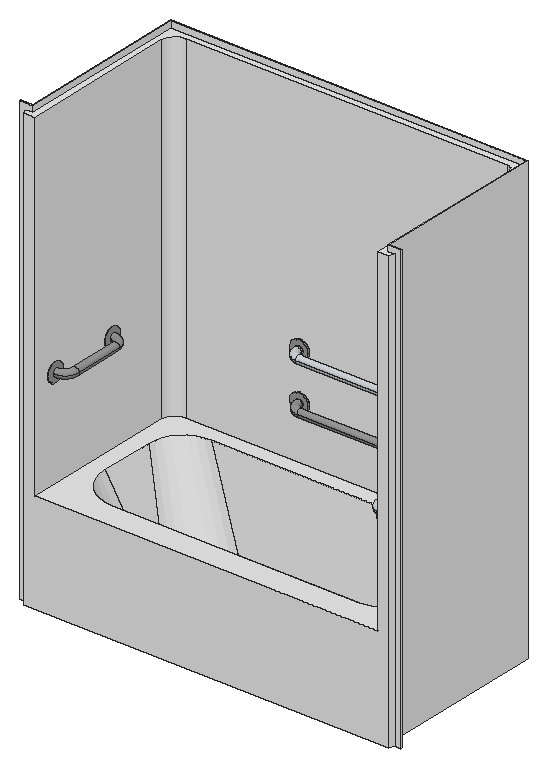
Revit family "LBTS6430A17 L-R", category Plumbing Fixtures, Revit 2019
Family settings
  Round Connector Dimension = Use Diameter
  Part Type = Normal
  OmniClass Number = 23.45.05.14.17
  OmniClass Title = Showers
  Work Plane-Based = No
  Always vertical = Yes
  Cut with Voids When Loaded = No
  Shared = No
  Room Calculation Point = No
Parameters (values of type "LBTS6430A17 L/R")
  Unit Width = 60"
  Unit Height = 75"
  Unit Depth = 30"
  URL = "http://www.bestbath.com"
  Type Comments = "ADA Compliant"
  Threshold Height = 17"
  Model = "LBTS6430A17 L/R"
  Material [instance] = Best Bath Gelcoat Fiberglass - 4x8 Subway Tile
  Manufacturer = "Best Bath Systems, Inc."
  Keynote = "22 40 00.D3"
  Description = "4\" X 8\" \"Subway Tile\" Wall Finish"
  Assembly Code = "D2010700"
Reference planes (in)
  plane 1 "Back": y = -1
  plane 2: z = 0
  plane 3 "Left": x = 0
  plane 4: x = 60
  plane 5: y = -30
  plane 6: z = 74
  plane 7: z = 75
  plane 8: x = 52
  plane 9: z = 17
  plane 10: y = -16
  plane 11: y = -2.25
  plane 12: x = 8.5
  plane 13: x = 56.75
  plane 14: y = -6.25
  plane 15: y = -23.25
  plane 16: y = -4.75
  plane 17: y = -27
  plane 18: x = 3.75
  plane 19: x = 58
  plane 20: z = 26
  plane 21: z = 34
  plane 22: z = 39
  plane 23: y = -31
  plane 24 "Center L/S": x = -1.99899
  plane 25: x = 62.00101
  plane 26: x = 30.00101
Forms (in)
  Extrusion 1, solid, material "Best Bath Gelcoat Fiberglass - Smooth"
    sketch origin (0, 0, 0) x (1, 0, 0) y (0, 1, 0)
      loop
        line (58.75, -31) -> (60.73205, -31) -> (61, -30) -> (60, -30) -> (60, -1) -> (0, -1) -> (0, -30) -> (-1, -30) -> (-0.73205, -31) -> (1.25, -31) -> (1.25, -4.5)
        arc (1.25, -4.5) -> (1.90901, -2.90901) -> (3.5, -2.25) r 2.25
        line (3.5, -2.25) -> (57.5, -2.25)
        arc (57.5, -2.25) -> (58.38388, -2.61612) -> (58.75, -3.5) r 1.25
        line (58.75, -3.5) -> (58.75, -31)
    from 0 to 74
  Extrusion 2, solid, material "Best Bath Gelcoat Fiberglass - Smooth"
    sketch origin (0, 0, 0) x (1, 0, 0) y (0, 1, 0)
      loop
        line (0, -1) -> (0, -31) -> (60, -31) -> (60, -1) -> (0, -1)
      loop
        circle (52, -16) r 1
    from 0 to 17
  Blend 3, void
    base sketch origin (0, 0, 0) x (1, 0, 0) y (0, 1, 0)
      loop
        arc (15.5, -6.25) -> (10.55025, -8.30025) -> (8.5, -13.25) r 7
        line (8.5, -13.25) -> (8.5, -16.25)
        arc (8.5, -16.25) -> (10.55025, -21.19975) -> (15.5, -23.25) r 7
        line (15.5, -23.25) -> (49.75, -23.25)
        arc (49.75, -23.25) -> (54.69975, -21.19975) -> (56.75, -16.25) r 7
        line (56.75, -16.25) -> (56.75, -13.25)
        arc (56.75, -13.25) -> (54.69975, -8.30025) -> (49.75, -6.25) r 7
        line (49.75, -6.25) -> (15.5, -6.25)
    top sketch origin (0, 0, 0) x (1, 0, 0) y (0, 1, 0)
      loop
        arc (9.5, -4.75) -> (5.43414, -6.43414) -> (3.75, -10.5) r 5.75
        line (3.75, -10.5) -> (3.75, -20)
        arc (3.75, -20) -> (5.80025, -24.94975) -> (10.75, -27) r 7
        line (10.75, -27) -> (52.25, -27)
        arc (52.25, -27) -> (56.31586, -25.31586) -> (58, -21.25) r 5.75
        line (58, -21.25) -> (58, -10.5)
        arc (58, -10.5) -> (56.31586, -6.43414) -> (52.25, -4.75) r 5.75
        line (52.25, -4.75) -> (9.5, -4.75)
    from 2.23617 to 18
  Extrusion 4, solid, material "Best Bath Gelcoat Fiberglass - Smooth"
    sketch origin (0, 0, 0) x (1, 0, 0) y (0, 1, 0)
      loop
        line (0, -30) -> (-1.99899, -30) -> (-1.99899, -30.125) -> (0.125, -30.125) -> (0.125, -1.125) -> (59.875, -1.125) -> (59.875, -30.125) -> (62.00101, -30.125) -> (62.00101, -30) -> (60, -30) -> (60, -1) -> (0, -1) -> (0, -30)
    from 0 to 75
Cuts and joins
  Blend 3 cuts Extrusion 2
  joined: Extrusion 1, Extrusion 2, Extrusion 4
Dimensions and locks (in)
  "Unit Width": plane 3 "Left" to plane 4
  locked: plane 7 to plane 6 at 1
  "Unit Height": plane 7 to level
  plane 3 "Left" to plane 8 to plane 4 = 52", 8"
  locked: plane 10 to plane 1 "Back" at 15
  locked: plane 15 to plane 5 at 6.75
  "Threshold Height": plane 9 to level
  plane 20 to plane 9 = 9"
  plane 21 to plane 9 = 17"
  plane 22 to plane 9 = 22"
  locked: plane 5 to plane 23 at 1
  "Unit Depth": plane 23 to plane 1 "Back"
  locked: plane 11 to plane 1 "Back" at 1.25
  locked: var sketch to plane 14 at 1.5
  locked: plane 17 to plane 23 at 4
  cut or joined group of Extrusion 1, Extrusion 2, Blend 3, Extrusion 4 to nested 1 = 4"
  cut or joined group of Extrusion 1, Extrusion 2, Blend 3, Extrusion 4 to nested 3 = 4"
  equal spacing: plane 24 "Center L/S", plane 26, plane 25, locked at 32 each
  locked: plane 24 "Center L/S" to plane 25 at 64
  aligned and locked: level to plane 2
  aligned and locked: plane 6 to Extrusion 1
  aligned and locked: Extrusion 1 sketch curve to plane 4
  aligned and locked: Extrusion 2 sketch curve to Extrusion 1  (x2)
  aligned and locked: Extrusion 2 sketch curve to plane 1 "Back"
  aligned and locked: plane 10 to Extrusion 2 sketch curve
  aligned and locked: plane 8 to Extrusion 2 sketch curve
  aligned and locked: plane 15 to Blend 3 sketch curve
  aligned and locked: Blend 3 sketch curve to plane 14
  aligned and locked: Blend 3 sketch curve to plane 13
  aligned and locked: plane 18 to Blend 3 sketch curve
  aligned and locked: Blend 3 sketch curve to plane 19
  aligned and locked: plane 17 to Blend 3 sketch curve
  aligned and locked: Blend 3 sketch curve to plane 16
  aligned and locked: plane 9 to cut or joined group of Extrusion 1, Extrusion 2, Blend 3, Extrusion 4
  aligned and locked: cut or joined group of Extrusion 1, Extrusion 2, Blend 3, Extrusion 4 to plane 11
  aligned and locked: cut or joined group of Extrusion 1, Extrusion 2, Blend 3, Extrusion 4 to plane 1 "Back"
  aligned and locked: plane 7 to Extrusion 4
  aligned and locked: plane 12 to Blend 3 sketch curve
  aligned and locked: plane 24 "Center L/S" to cut or joined group of Extrusion 1, Extrusion 2, Blend 3, Extrusion 4
  aligned and locked: plane 25 to cut or joined group of Extrusion 1, Extrusion 2, Blend 3, Extrusion 4
  aligned and locked: plane 20 to nested 2
  aligned and locked: plane 21 to nested 3
Automatic sketch dimensions
  plane 18 to Blend 3 sketch curve = 7"
  plane 10 to Blend 3 sketch curve = 5 1/2"
  Blend 3 sketch curve to plane 8 = 1/4"  (x2)
  plane 8 to Blend 3 sketch curve = 2 1/4"  (x2)
  Blend 3 sketch curve to Blend 3 sketch curve = 7"  (x2)
  Extrusion 4 sketch curve to plane 5 = 0"  (x2)
  plane 1 "Back" to Extrusion 4 sketch curve = 0"
  Extrusion 4 sketch curve to plane 3 "Left" = 0"
  Extrusion 4 sketch curve to plane 4 = 0"
  Extrusion 4 sketch curve to Extrusion 4 sketch curve = 1.99899"
  plane 3 "Left" to Extrusion 4 sketch curve = 1/8"
  plane 4 to Extrusion 4 sketch curve = 1/8"
  Extrusion 4 sketch curve to plane 5 = 1/8"  (x2)
  Extrusion 4 sketch curve to plane 4 = 2.00101"
  plane 1 "Back" to Extrusion 4 sketch curve = 1/8"
  Extrusion 1 sketch curve to plane 5 = 0"  (x2)
  Extrusion 1 sketch curve to plane 23 = 0"  (x2)
  plane 1 "Back" to Extrusion 1 sketch curve = 0"
  Extrusion 1 sketch curve to plane 3 "Left" = 0"
  Extrusion 1 sketch curve to plane 11 = 0"
  Extrusion 1 sketch curve to plane 3 "Left" = 0.73205"
  Extrusion 1 sketch curve to Extrusion 1 sketch curve = 1"
  plane 3 "Left" to Extrusion 1 sketch curve = 1 1/4"
  Extrusion 1 sketch curve to Extrusion 1 sketch curve = 2 1/4"
  Extrusion 1 sketch curve to Extrusion 1 sketch curve = 0"
  plane 4 to Extrusion 1 sketch curve = 2 1/2"
  Extrusion 1 sketch curve to Extrusion 1 sketch curve = 1 1/4"
  Extrusion 1 sketch curve to plane 4 = 0.73205"
  Extrusion 1 sketch curve to plane 4 = 1"
  Extrusion 2 sketch curve to plane 23 = 0"
  radius of Extrusion 2 sketch curve = 1"
Nested families (in)
  nested 1: "Grab Bar - vertical" at (58.75, -27, -0.625) x (0, -1, 0) z (0, 0, 1), type "18" x 1.25""
  nested 2: "Grab Bar - horiz" at (22.75, -2.25, -8.625), type "24" x 1.25""
    with Grab Bar Size 24"
  nested 3: "Grab Bar - horiz" at (1.25, -27, -0.625) x (0, 1, 0) z (0, 0, 1), type "12" x 1.25""
  nested 4: "Grab Bar - L shape 2016" at (58.75, -2.25, -2.97512) x (-1, 0, 0) z (0, 0, 1), type "27" x 36" x 1.25""
Definition of nested family "Grab Bar - vertical"
  Parameters
    Wall Clearance = 2 1/8"
    Mounting Height = 39"
    Grab Bar Size = 18"
    URL = "http://seachrome.com/"
    Threshold Height = 5/8"
    Model = "GB18QSS"
    Manufacturer = "Seachrome Corp."
    Keynote = "10 28 00.C1"
    Description = "18\" x 1.25\" grab bar"
    Assembly Code = "C1030200"
  Reference planes (in)
    plane 1 "Center (Front/Back)": y = 0
    plane 2: z = 0
    plane 3 "Center (Left/Right)": x = 0
    plane 4: z = 39.625
    plane 5: z = 57.625
    plane 6: z = 0.625
  Forms (in)
    Sweep 1, solid
      path origin (0, 0, 0) x (0, 1, 0) y (0, 0, 1)
        loop
          line (-0.25, 39.625) -> (-0.375, 39.625)
          arc (-0.375, 39.625) -> (-1.61244, 40.13756) -> (-2.125, 41.375) r 1.75
          line (-2.125, 41.375) -> (-2.125, 55.875)
          arc (-2.125, 55.875) -> (-1.61244, 57.11244) -> (-0.375, 57.625) r 1.75
          line (-0.375, 57.625) -> (-0.25, 57.625)
      profile origin (0, -0.3125, 39.625) x (0, 0, -1) y (1, 0, 0)
        loop
          circle (0, 0) r 0.625
    Extrusion 2, solid
      sketch origin (0, 0, 0) x (1, 0, 0) y (0, 0, 1)
        loop
          circle (0, 39.625) r 1.5625
        loop
          circle (0, 57.625) r 1.5625
      from 0 to 0.25
  Dimensions and locks (in)
    "Grab Bar Size": plane 5 to plane 4
    Extrusion 2 to Sweep 1 sketch curve = 1 7/8"
    "Threshold Height": plane 6 to level
    "Mounting Height": plane 4 to plane 6
    aligned and locked: level to plane 2
    aligned and locked: plane 5 to Sweep 1 sketch curve
    aligned and locked: Sweep 1 sketch curve to plane 4
  Automatic sketch dimensions
    Sweep 1 sketch curve to plane 3 "Center (Left/Right)" = 0"
    Sweep 1 sketch curve to profile plane = 0"
    Extrusion 2 sketch curve to plane 3 "Center (Left/Right)" = 0"  (x2)
    Extrusion 2 sketch curve to plane 4 = 0"
    Extrusion 2 sketch curve to plane 5 = 0"
    Sweep 1 sketch curve to plane 5 = 1 3/4"
    plane 1 "Center (Front/Back)" to Sweep 1 sketch curve = 1/4"
    Sweep 1 sketch curve to Sweep 1 sketch curve = 1/8"
    Sweep 1 sketch curve to plane 5 = 0"
    plane 4 to Sweep 1 sketch curve = 1 3/4"
    radius of Sweep 1 sketch curve = 5/8"
    radius of Extrusion 2 sketch curve = 1 9/16"  (x2)
Definition of nested family "Grab Bar - horiz"
  Parameters
    Grab Bar Size = 12"
    URL = "http://seachrome.com/"
    Threshold Height = 5/8"
    Mounting Height = 34"
    Model = "GB12QSS"
    Manufacturer = "Seachrome Corp."
    Keynote = "10 28 00.C1"
    Description = "18\" x 1.25\" grab bar"
    Assembly Code = "C1030200"
  Reference planes (in)
    plane 1 "Center (Front/Back)": y = 0
    plane 2: z = 0
    plane 3 "Center (Left/Right)": x = 0
    plane 4: z = 34.625
    plane 5: z = 0.625
    plane 6: x = 12
  Forms (in)
    Extrusion 1, solid
      sketch origin (0, 0, 0) x (1, 0, 0) y (0, 0, 1)
        loop
          circle (0, 34.625) r 1.5625
        loop
          circle (12, 34.625) r 1.5625
      from 0 to 0.25
    Sweep 2, solid
      path origin (0, 0, 0) x (1, 0, 0) y (0, 1, 0)
        loop
          line (0, -0.25) -> (0, -0.375)
          arc (0, -0.375) -> (0.51256, -1.61244) -> (1.75, -2.125) r 1.75
          line (1.75, -2.125) -> (10.25, -2.125)
          arc (10.25, -2.125) -> (11.48744, -1.61244) -> (12, -0.375) r 1.75
          line (12, -0.375) -> (12, -0.25)
      profile origin (6, -2.125, 0) x (0, 1, 0) y (0, 0, 1)
        loop
          circle (0, 34.625) r 0.625
  Dimensions and locks (in)
    "Threshold Height": plane 5 to level
    "Mounting Height": plane 4 to plane 5
    "Grab Bar Size": plane 6 to plane 3 "Center (Left/Right)"
    Sweep 2 sketch curve to plane 1 "Center (Front/Back)" = 2 1/8"
    aligned and locked: level to plane 2
  Automatic sketch dimensions
    Extrusion 1 sketch curve to plane 3 "Center (Left/Right)" = 0"
    Extrusion 1 sketch curve to plane 4 = 0"  (x2)
    Extrusion 1 sketch curve to plane 6 = 0"
    Sweep 2 sketch curve to plane 3 "Center (Left/Right)" = 0"
    plane 1 "Center (Front/Back)" to Sweep 2 sketch curve = 3/8"
    Sweep 2 sketch curve to plane 6 = 0"
    Sweep 2 sketch curve to plane 6 = 1 3/4"
    Sweep 2 sketch curve to Sweep 2 sketch curve = 1/8"  (x2)
    Sweep 2 sketch curve to profile plane = 0"
    level to Sweep 2 sketch curve = 34 5/8"
    radius of Extrusion 1 sketch curve = 1 9/16"  (x2)
    radius of Sweep 2 sketch curve = 5/8"
Definition of nested family "Grab Bar - L shape 2016"
  Parameters (values of type "27" x 44" x 1.25"")
    Single Anchor Bar Length = 27"
    Mounting Height = 39"
    URL = "http://seachrome.com/"
    Threshold Height = 2.02488"
    Model = "GB2744QSS"
    Manufacturer = "Seachrome Corp."
    Keynote = "10 28 00.C1"
    Double Anchor Bar Length = 44"
    Description = "32\" x 44\" x 1.25\" L Grab Bar"
    Assembly Code = "C1030200"
  Types (8): name | Single Anchor Bar Length | Model | Double Anchor Bar Length | Description
    18" x 33" x 1.25" | 18" | "GB3236QSS" | 33" | "18\" x 33\" x 1.25\" L Grab Bar"
    32" x 36" x 1.25" | 32" | "GB3236QSS" | 36" | "18\" x 33\" x 1.25\" L Grab Bar"
    27" x 36" x 1.25" | 27" | "GB2736QSSW" | 36" | "18\" x 33\" x 1.25\" L Grab Bar"
    42" x 50" x 1.25" | 42" | "GB4250QSS" | 50" | "42\" x 50\" x 1.25\" L Grab Bar"
    27" x 48" x 1.25" | 27" | "GB2748QSS" | 48" | "27\" x 48\" x 1.25\" L Grab Bar"
    27" x 38" x 1.25" | 27" | "GB2738QSS" | 38" | "27\" x 38\" x 1.25\" L Grab Bar"
    32" x 44" x 1.25" | 32" | "GB2738QSS" | 44" | "32\" x 44\" x 1.25\" L Grab Bar"
    27" x 44" x 1.25" | 27" | "GB2744QSS" | 44" | "32\" x 44\" x 1.25\" L Grab Bar"
  Reference planes (in)
    plane 1 "Center (Front/Back)": y = 0
    plane 2: z = 0
    plane 3 "Center (Left/Right)": x = 0
    plane 4: z = 36.97512
    plane 5: z = -2.02488
    plane 6: y = -2.125
    plane 7: x = 2.125
    plane 8: x = 6
    plane 9: x = 44
    plane 10: y = -27
  Forms (in)
    Extrusion 1, solid
      sketch origin (0, 0, 0) x (1, 0, 0) y (0, 0, 1)
        loop
          circle (6, 36.97512) r 1.5625
        loop
          circle (44, 36.97512) r 1.5625
      from 0 to 0.25
    Extrusion 2, solid
      sketch origin (0, 0, 0) x (0, 1, 0) y (0, 0, 1)
        loop
          circle (-27, 36.97512) r 1.5
      from 0 to 0.25
    Sweep 3, solid
      path origin (0, 0, 0) x (1, 0, 0) y (0, 1, 0)
        loop
          line (0.25, -27) -> (0.625, -27)
          arc (0.625, -27) -> (1.68566, -26.56066) -> (2.125, -25.5) r 1.5
          line (2.125, -25.5) -> (2.125, -3.625)
          arc (2.125, -3.625) -> (2.56434, -2.56434) -> (3.625, -2.125) r 1.5
          line (3.625, -2.125) -> (42.5, -2.125)
          arc (42.5, -2.125) -> (43.56066, -1.68566) -> (44, -0.625) r 1.5
          line (44, -0.625) -> (44, -0.25)
      profile origin (0.4375, -27, 0) x (0, 1, 0) y (0, 0, 1)
        loop
          circle (0, 36.98831) r 0.625
    Sweep 4, solid
      path origin (0, 0, 0) x (1, 0, 0) y (0, 1, 0)
        loop
          line (6, -0.25) -> (6, -2.125)
      profile origin (6, -1.1875, 0) x (1, 0, 0) y (0, 0, 1)
        loop
          circle (0, 36.98831) r 0.62
  Dimensions and locks (in)
    "Threshold Height": level to plane 5
    "Mounting Height": plane 4 to plane 5
    locked: plane 3 "Center (Left/Right)" to plane 7 at 2.125
    locked: plane 3 "Center (Left/Right)" to plane 8 at 6
    locked: plane 6 to plane 1 "Center (Front/Back)" at 2.125
    "Double Anchor Bar Length": plane 3 "Center (Left/Right)" to plane 9
    "Single Anchor Bar Length": plane 10 to plane 1 "Center (Front/Back)"
    plane 4 to plane 5 = 39"
    level to plane 5 = 2.02488"
    aligned and locked: level to plane 2
    aligned and locked: plane 8 to Extrusion 1 sketch curve
    aligned and locked: plane 4 to Extrusion 1 sketch curve
    aligned and locked: plane 9 to Extrusion 1 sketch curve
    aligned and locked: plane 10 to Extrusion 2 sketch curve
    aligned and locked: plane 4 to Extrusion 2 sketch curve
  Automatic sketch dimensions
    Extrusion 1 sketch curve to plane 4 = 0"
    Sweep 3 sketch curve to plane 10 = 0"
    Sweep 3 sketch curve to plane 7 = 0"
    Sweep 3 sketch curve to plane 6 = 0"
    Sweep 3 sketch curve to plane 9 = 0"
    plane 3 "Center (Left/Right)" to Sweep 3 sketch curve = 5/8"
    Sweep 3 sketch curve to plane 6 = 1 1/2"
    plane 1 "Center (Front/Back)" to Sweep 3 sketch curve = 5/8"
    plane 3 "Center (Left/Right)" to Sweep 3 sketch curve = 1/4"
    plane 1 "Center (Front/Back)" to Sweep 3 sketch curve = 1/4"
    Sweep 3 sketch curve to profile plane = 0"
    level to Sweep 3 sketch curve = 36.98831"
    Sweep 4 sketch curve to plane 6 = 0"
    Sweep 4 sketch curve to plane 8 = 0"
    plane 1 "Center (Front/Back)" to Sweep 4 sketch curve = 1/4"
    profile plane to Sweep 4 sketch curve = 0"
    level to Sweep 4 sketch curve = 36.98831"
    radius of Extrusion 1 sketch curve = 1 9/16"  (x2)
    radius of Extrusion 2 sketch curve = 1 1/2"
    radius of Sweep 3 sketch curve = 5/8"
    radius of Sweep 4 sketch curve = 0.62"
